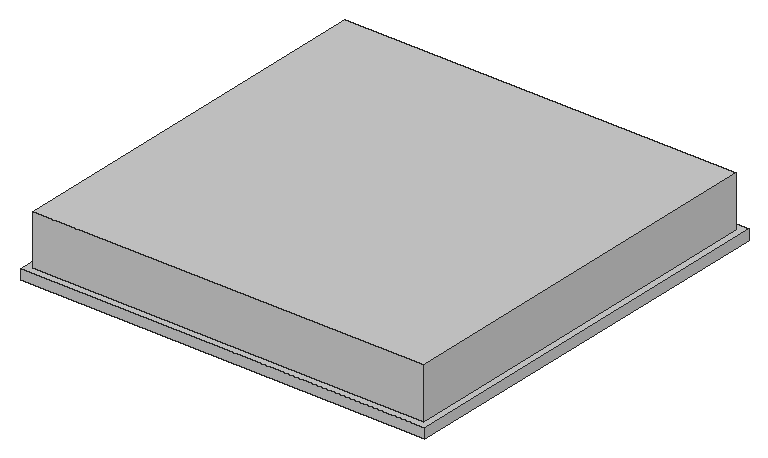
Revit family "Zumtobel LF3-E M600Q", category Leuchten, Revit 2016
Family settings
  Basisbauteil = Decke
  Teiletyp = Normal
  Bemaßung runder Anschluss = Durchmesser verwenden
  OmniClass-Nummer = 23.80.70.11
  OmniClass-Titel = Luminaries for Internal Lighting
  Immer vertikal = Ja
  Beim Laden mit Abzugskörper schneiden = Nein
  Lichtquelle = Ja
  Gemeinsam genutzt = Nein
  Raumberechnungspunkt = Nein
Parameters (values of type "LF3 E 3600LED M600Q")
  Width = 598 mm
  Wattage = 24.2356 W
  built-in parameter 1150110 = 1 (stored number, unit not read)
  URL = "http://www.zumtobel.com/42186926"
  built-in parameter 1114217 = 1 (stored number, unit not read)
  Tilt Angle = 90.00°
  built-in parameter 1150109 = 1 (stored number, unit not read)
  built-in parameter 1150134 = 12
  built-in parameter 1150113 = 1 (stored number, unit not read)
  Datei für fotometrisches Netz = "D41820AA_LF3_E_3600-940_M600Q_LDE_KA_WH.IES"
  Modell = "42186926"
  Hersteller = "Zumtobel Lighting"  # constant formula
  built-in parameter 1150105 = 286.48 (stored number, unit not read)
  Lumens = 3600 lm
  built-in parameter 1150115 = 1 (stored number, unit not read)
  built-in parameter 1150137 = (empty or 0)
  built-in parameter 1150139 = (empty or 0)
  Length = 598 mm
  built-in parameter 1150112 = 1 (stored number, unit not read)
  built-in parameter 1150114 = 1 (stored number, unit not read)
  Lampe = "LED"
  built-in parameter 1150132 = 2
  built-in parameter 1150102 = (empty or 0)
  built-in parameter 1150107 = 4000 (stored number, unit not read)
  built-in parameter 1150138 = (empty or 0)
  built-in parameter 1150106 = 2.8648 (stored number, unit not read)
  Height = 90 mm
  Emit from Rectangle Width = Width - 22 mm  # 576 mm
  Emit from Rectangle Length = Length - 22 mm  # 576 mm
  Emissionsform beim Rendern sichtbar = yes
  built-in parameter 1150104 = 13.8 (stored number, unit not read)
  Farbtemperaturverschiebung bei Dämpfen der Lampe = <Keine Auswahl>
  Beschreibung = "Recessed micro-pyramidal optic LED luminaire"
  Color Filter = 16777215
  built-in parameter 1114218 = 1 (stored number, unit not read)
  built-in parameter 1150133 = 10 (stored number, unit not read)
  Baugruppenkennzeichen = "D5020200"
  Scheinlast = 27.6 VA
Reference planes
  plane 1 "Center (Front/Back)": y = 0
  plane 2: z = 0
  plane 3 "Center (Left/Right)": x = 0
  plane 4 "Ceiling": z = 4000
  plane 5: z = 3985
  plane 6: z = 4075
  plane 7: y = 299
  plane 8: y = -299
  plane 9: x = -299
  plane 10: x = 299
Forms (mm)
  Extrusion 1, void
    sketch origin (0, 0, 4000) x (0, 1, 0) y (-1, 0, 0)
      loop
        line (289, 289) -> (-289, 289) -> (-289, -289) -> (289, -289) -> (289, 289)
    from -15 to 75
Dimensions and locks
  equal spacing: host sketch curve, plane 3 "Center (Left/Right)", host sketch curve
  equal spacing: host sketch curve, plane 1 "Center (Front/Back)", host sketch curve
  host sketch curve to host sketch curve = 4000 mm  (x2)
  locked: plane 5 to plane 4 "Ceiling" at 15
  "Height": plane 5 to plane 6
  equal spacing: plane 7, plane 1 "Center (Front/Back)", plane 8
  "Length": plane 7 to plane 8
  "Width": plane 9 to plane 10
  equal spacing: plane 9, plane 3 "Center (Left/Right)", plane 10
  locked: plane 7 to Extrusion 1 sketch curve at 10
  locked: Extrusion 1 sketch curve to plane 8 at 10
  locked: Extrusion 1 sketch curve to plane 10 at 10
  locked: plane 9 to Extrusion 1 sketch curve at 10
  locked: connector elem to plane 10 at 100
  aligned: plane 4 "Ceiling" to nested 1
  aligned and locked: plane 6 to Extrusion 1
  aligned and locked: Extrusion 1 to plane 5
  aligned: imposter light to nested 1
  aligned and locked: plane 4 "Ceiling" to nested 1
  aligned and locked: plane 5 to imposter light
Nested families
  nested 1: "Model Zumtobel LIGHT FIELDS - Recessed" at (0, -2.506, 4048) x (0, -1, 0) z (0, 0, 1), type "Type 1"
    with Width 598 mm, Length 598 mm, Height 90 mm
Connectors
  electrical at (399, 0, 4000), driven by "Scheinlast"
    settings: index 1, voltage 230 V, apparent load 0 VA, apparent load phase1 27.6 VA, apparent load phase2 0 VA, apparent load phase3 0 VA, power factor 1, load classification "Sonstige", number of poles 1, system type 31, power factor state 1, is connector primary yes, connector utility no, sub classification motor no, connector description ""
Definition of nested family "Model Zumtobel LIGHT FIELDS - Recessed"
  Parameters
    Width = 298 mm
    Length = 1198 mm
    Height = 63 mm
    Emit Shape Visible in Rendering = no
    Default Elevation = 0 mm
    Assembly Code = ""
  Reference planes
    plane 1 "Light Source Axis (F/B)": y = 0
    plane 2 "Top": z = -48
    plane 3 "Light Source Axis (L/R)": x = -2.506
    plane 4 "Top Body": z = 0
    plane 5 "Bottom": z = -63
    plane 6 "Left": x = -601.506
    plane 7 "Right": x = 596.494
    plane 8: z = -17
    plane 9: y = 149
    plane 10: y = -149
    plane 11: y = 134
    plane 12: y = -134
    plane 13: z = -55.468
    plane 14: z = -57.935
    plane 15: x = -586.506
    plane 16: x = 581.494
    plane 17: y = 138
    plane 18: z = -2.5
    plane 19: x = -584.006
    plane 20: x = 578.994
    plane 21 "Inside Left": x = -583.006
    plane 22 "Inside Right": x = 577.994
    plane 23 "Light Source Axis": z = -25
    plane 24: y = -138
    plane 25: x = -590.506
    plane 26: x = 585.494
    plane 27 "Insert": z = -48
  Forms (mm)
    Sweep 1, solid
      path origin (0, 0, -63) x (0, 1, 0) y (-1, 0, 0)
        loop
          line (149, -596.494) -> (149, 601.506) -> (-149, 601.506) -> (-149, -596.494) -> (149, -596.494)
      profile "Profile_LIGHT FIELDS : Profile_LIGHT FIELDS" origin (-2.506, 149, -63) x (0, -1, 0) y (0, 0, 1)
        loop
          line (0, 0) -> (15, 0) -> (15, 5.065) -> (14, 5.065) -> (14, 1) -> (1, 1) -> (1, 14) -> (11, 14) -> (11, 63) -> (10, 63) -> (10, 15) -> (0, 15) -> (0, 0)
    Extrusion 2, solid
      sketch origin (-2.506, 0, 0) x (0, 1, 0) y (0, 0, 1)
        loop
          line (138, 0) -> (-138, 0) -> (-138, -2.5) -> (138, -2.5) -> (138, 0)
      from -588 to 588
    Extrusion 3, solid
      sketch origin (-2.506, 0, 0) x (0, 1, 0) y (0, 0, 1)
        loop
          line (134, -57.935) -> (-134, -57.935) -> (-134, -63) -> (134, -63) -> (134, -57.935)
      from -584 to 584
  Cuts and joins
    joined: Sweep 1, Extrusion 2
  Dimensions and locks
    "Length": plane 6 "Left" to plane 7 "Right"
    equal spacing: plane 6 "Left", plane 3 "Light Source Axis (L/R)", plane 7 "Right"
    "Width": plane 9 to plane 10
    locked: plane 6 "Left" to plane 19 at 17.5
    locked: plane 7 "Right" to plane 20 at 17.5
    locked: plane 6 "Left" to plane 15 at 15
    locked: plane 7 "Right" to plane 16 at 15
    locked: plane 19 to plane 21 "Inside Left" at 1
    locked: plane 20 to plane 22 "Inside Right" at 1
    locked: plane 23 "Light Source Axis" to plane 4 "Top Body" at 25
    equal spacing: plane 9, plane 1 "Light Source Axis (F/B)", plane 10
    locked: plane 9 to plane 11 at 15
    locked: plane 12 to plane 10 at 15
    locked: plane 24 to plane 10 at 11
    locked: plane 9 to plane 17 at 11
    locked: plane 6 "Left" to plane 25 at 11
    locked: plane 7 "Right" to plane 26 at 11
    plane 27 "Insert" to plane 13 to plane 14 to plane 5 "Bottom" = 7.468 mm locked, 2.468 mm locked, 5.065 mm locked
    "Height": plane 4 "Top Body" to plane 5 "Bottom"
    aligned and locked: level to plane 2 "Top"
    aligned and locked: Sweep 1 sketch curve to plane 9
    aligned and locked: plane 7 "Right" to Sweep 1 sketch curve
    aligned and locked: Sweep 1 sketch curve to plane 10
    aligned and locked: Sweep 1 sketch curve to plane 6 "Left"
    aligned and locked: plane 17 to Extrusion 2 sketch curve
    aligned and locked: plane 18 to Extrusion 2 sketch curve
    aligned and locked: plane 4 "Top Body" to Extrusion 2 sketch curve
    aligned: plane 19 to Extrusion 2  (x2)
    aligned and locked: Extrusion 3 sketch curve to plane 14
    aligned and locked: plane 11 to Extrusion 3 sketch curve
    aligned and locked: plane 12 to Extrusion 3 sketch curve
    aligned and locked: plane 5 "Bottom" to Extrusion 3 sketch curve
    aligned: plane 20 to Extrusion 2
    aligned and locked: plane 16 to Extrusion 3
    aligned and locked: plane 15 to Extrusion 3
    aligned and locked: Extrusion 2 to plane 26
    aligned and locked: plane 25 to Extrusion 2
    aligned and locked: cut or joined group of Sweep 1, Extrusion 2 to plane 24
  Automatic sketch dimensions
    Extrusion 2 sketch curve to plane 12 = 4 mm
